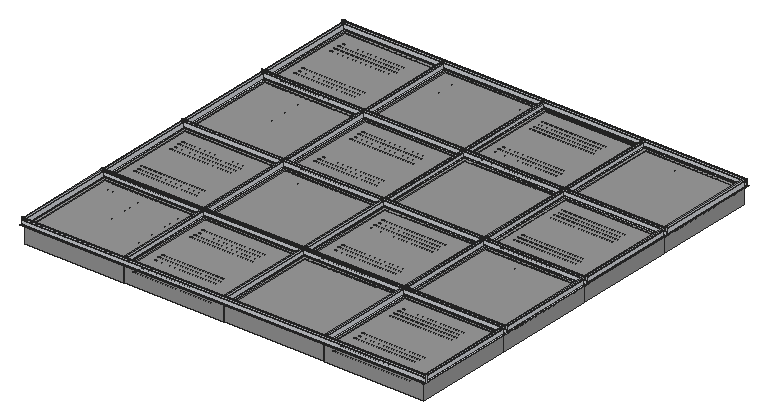
Revit family "GRD-FPG-016_FOLDED PLUG GRID 016_RFA", category Modelos genéricos, Revit 2022 (continued)
Forms (in)
  Extrusion 25, solid
    sketch origin (0.02767, 83.15856, 0) x (1, 0, 0) y (0, 0, 1)
      loop
        arc (0.31489, 1.72991) -> (0.32752, 1.69941) -> (0.35803, 1.68677) r 0.04314
        line (0.35803, 1.68677) -> (0.39803, 1.68677)
        arc (0.39803, 1.68677) -> (0.41512, 1.67969) -> (0.42221, 1.66259) r 0.02418
      loop
        arc (0.33294, 1.7291) -> (0.34005, 1.71194) -> (0.35722, 1.70483) r 0.02428
        line (0.35722, 1.70483) -> (0.39815, 1.70483)
        arc (0.39815, 1.70483) -> (0.42797, 1.69248) -> (0.44023, 1.66266) r 0.04217
        arc (0.44023, 1.66266) -> (0.45258, 1.69248) -> (0.4824, 1.70483) r 0.04217
        line (0.4824, 1.70483) -> (0.52333, 1.70483)
        arc (0.52333, 1.70483) -> (0.54049, 1.71194) -> (0.54761, 1.7291) r 0.02428
        line (0.54761, 1.7291) -> (0.54761, 2.15016) -> (0.45704, 2.24072)
        arc (0.45704, 2.24072) -> (0.44027, 2.24767) -> (0.42351, 2.24072) r 0.02371
        line (0.42351, 2.24072) -> (0.33294, 2.15016) -> (0.33294, 1.7291)
    from 58.93614 to 81.99864
  Extrusion 26, solid, not visible
    sketch origin (0, 0, 0) x (0, 1, 0) y (0, 0, 1)
      loop
        line (0.42221, 1.66259) -> (0.42231, 0.67354)
        arc (0.42231, 0.67354) -> (0.41009, 0.64403) -> (0.38057, 0.6318) r 0.04174
        line (0.38057, 0.6318) -> (-0.00639, 0.6318) -> (-0.00639, 0.59057) -> (0.8874, 0.59057) -> (0.8874, 0.6318) -> (0.49998, 0.6318)
        arc (0.49998, 0.6318) -> (0.47046, 0.64403) -> (0.45824, 0.67354) r 0.04174
        line (0.45824, 0.67354) -> (0.45834, 1.66259)
        arc (0.45834, 1.66259) -> (0.46543, 1.67969) -> (0.48252, 1.68677) r 0.02418
        line (0.48252, 1.68677) -> (0.52252, 1.68677)
        arc (0.52252, 1.68677) -> (0.55303, 1.69941) -> (0.56566, 1.72991) r 0.04314
        line (0.56566, 1.72991) -> (0.56566, 2.14095)
        arc (0.56566, 2.14095) -> (0.5626, 2.15637) -> (0.55386, 2.16944) r 0.04029
        line (0.55386, 2.16944) -> (0.47053, 2.25277)
        arc (0.47053, 2.25277) -> (0.44027, 2.2653) -> (0.41002, 2.25277) r 0.04279
        line (0.41002, 2.25277) -> (0.32669, 2.16944)
        arc (0.32669, 2.16944) -> (0.31795, 2.15637) -> (0.31489, 2.14095) r 0.04029
        line (0.31489, 2.14095) -> (0.31489, 1.72991)
        arc (0.31489, 1.72991) -> (0.32752, 1.69941) -> (0.35803, 1.68677) r 0.04314
        line (0.35803, 1.68677) -> (0.39803, 1.68677)
        arc (0.39803, 1.68677) -> (0.41512, 1.67969) -> (0.42221, 1.66259) r 0.02418
      loop
        arc (0.33294, 1.7291) -> (0.34005, 1.71194) -> (0.35722, 1.70483) r 0.02428
        line (0.35722, 1.70483) -> (0.39815, 1.70483)
        arc (0.39815, 1.70483) -> (0.42797, 1.69248) -> (0.44023, 1.66266) r 0.04217
        arc (0.44023, 1.66266) -> (0.45258, 1.69248) -> (0.4824, 1.70483) r 0.04217
        line (0.4824, 1.70483) -> (0.52333, 1.70483)
        arc (0.52333, 1.70483) -> (0.54049, 1.71194) -> (0.54761, 1.7291) r 0.02428
        line (0.54761, 1.7291) -> (0.54761, 2.15016) -> (0.45704, 2.24072)
        arc (0.45704, 2.24072) -> (0.44027, 2.24767) -> (0.42351, 2.24072) r 0.02371
        line (0.42351, 2.24072) -> (0.33294, 2.15016) -> (0.33294, 1.7291)
    from 0 to 96.9361
  Extrusion 27, solid, not visible
    sketch origin (0, 24, 0) x (0, 1, 0) y (0, 0, 1)
      loop
        line (0.42221, 1.66259) -> (0.42231, 0.67354)
        arc (0.42231, 0.67354) -> (0.41009, 0.64403) -> (0.38057, 0.6318) r 0.04174
        line (0.38057, 0.6318) -> (-0.00639, 0.6318) -> (-0.00639, 0.59057) -> (0.8874, 0.59057) -> (0.8874, 0.6318) -> (0.49998, 0.6318)
        arc (0.49998, 0.6318) -> (0.47046, 0.64403) -> (0.45824, 0.67354) r 0.04174
        line (0.45824, 0.67354) -> (0.45834, 1.66259)
        arc (0.45834, 1.66259) -> (0.46543, 1.67969) -> (0.48252, 1.68677) r 0.02418
        line (0.48252, 1.68677) -> (0.52252, 1.68677)
        arc (0.52252, 1.68677) -> (0.55303, 1.69941) -> (0.56566, 1.72991) r 0.04314
        line (0.56566, 1.72991) -> (0.56566, 2.14095)
        arc (0.56566, 2.14095) -> (0.5626, 2.15637) -> (0.55386, 2.16944) r 0.04029
        line (0.55386, 2.16944) -> (0.47053, 2.25277)
        arc (0.47053, 2.25277) -> (0.44027, 2.2653) -> (0.41002, 2.25277) r 0.04279
        line (0.41002, 2.25277) -> (0.32669, 2.16944)
        arc (0.32669, 2.16944) -> (0.31795, 2.15637) -> (0.31489, 2.14095) r 0.04029
        line (0.31489, 2.14095) -> (0.31489, 1.72991)
        arc (0.31489, 1.72991) -> (0.32752, 1.69941) -> (0.35803, 1.68677) r 0.04314
        line (0.35803, 1.68677) -> (0.39803, 1.68677)
        arc (0.39803, 1.68677) -> (0.41512, 1.67969) -> (0.42221, 1.66259) r 0.02418
      loop
        arc (0.33294, 1.7291) -> (0.34005, 1.71194) -> (0.35722, 1.70483) r 0.02428
        line (0.35722, 1.70483) -> (0.39815, 1.70483)
        arc (0.39815, 1.70483) -> (0.42797, 1.69248) -> (0.44023, 1.66266) r 0.04217
        arc (0.44023, 1.66266) -> (0.45258, 1.69248) -> (0.4824, 1.70483) r 0.04217
        line (0.4824, 1.70483) -> (0.52333, 1.70483)
        arc (0.52333, 1.70483) -> (0.54049, 1.71194) -> (0.54761, 1.7291) r 0.02428
        line (0.54761, 1.7291) -> (0.54761, 2.15016) -> (0.45704, 2.24072)
        arc (0.45704, 2.24072) -> (0.44027, 2.24767) -> (0.42351, 2.24072) r 0.02371
        line (0.42351, 2.24072) -> (0.33294, 2.15016) -> (0.33294, 1.7291)
    from 0 to 96.9361
  Extrusion 28, solid, not visible
    sketch origin (0, 48, 0) x (0, 1, 0) y (0, 0, 1)
      loop
        line (0.42221, 1.66259) -> (0.42231, 0.67354)
        arc (0.42231, 0.67354) -> (0.41009, 0.64403) -> (0.38057, 0.6318) r 0.04174
        line (0.38057, 0.6318) -> (-0.00639, 0.6318) -> (-0.00639, 0.59057) -> (0.8874, 0.59057) -> (0.8874, 0.6318) -> (0.49998, 0.6318)
        arc (0.49998, 0.6318) -> (0.47046, 0.64403) -> (0.45824, 0.67354) r 0.04174
        line (0.45824, 0.67354) -> (0.45834, 1.66259)
        arc (0.45834, 1.66259) -> (0.46543, 1.67969) -> (0.48252, 1.68677) r 0.02418
        line (0.48252, 1.68677) -> (0.52252, 1.68677)
        arc (0.52252, 1.68677) -> (0.55303, 1.69941) -> (0.56566, 1.72991) r 0.04314
        line (0.56566, 1.72991) -> (0.56566, 2.14095)
        arc (0.56566, 2.14095) -> (0.5626, 2.15637) -> (0.55386, 2.16944) r 0.04029
        line (0.55386, 2.16944) -> (0.47053, 2.25277)
        arc (0.47053, 2.25277) -> (0.44027, 2.2653) -> (0.41002, 2.25277) r 0.04279
        line (0.41002, 2.25277) -> (0.32669, 2.16944)
        arc (0.32669, 2.16944) -> (0.31795, 2.15637) -> (0.31489, 2.14095) r 0.04029
        line (0.31489, 2.14095) -> (0.31489, 1.72991)
        arc (0.31489, 1.72991) -> (0.32752, 1.69941) -> (0.35803, 1.68677) r 0.04314
        line (0.35803, 1.68677) -> (0.39803, 1.68677)
        arc (0.39803, 1.68677) -> (0.41512, 1.67969) -> (0.42221, 1.66259) r 0.02418
      loop
        arc (0.33294, 1.7291) -> (0.34005, 1.71194) -> (0.35722, 1.70483) r 0.02428
        line (0.35722, 1.70483) -> (0.39815, 1.70483)
        arc (0.39815, 1.70483) -> (0.42797, 1.69248) -> (0.44023, 1.66266) r 0.04217
        arc (0.44023, 1.66266) -> (0.45258, 1.69248) -> (0.4824, 1.70483) r 0.04217
        line (0.4824, 1.70483) -> (0.52333, 1.70483)
        arc (0.52333, 1.70483) -> (0.54049, 1.71194) -> (0.54761, 1.7291) r 0.02428
        line (0.54761, 1.7291) -> (0.54761, 2.15016) -> (0.45704, 2.24072)
        arc (0.45704, 2.24072) -> (0.44027, 2.24767) -> (0.42351, 2.24072) r 0.02371
        line (0.42351, 2.24072) -> (0.33294, 2.15016) -> (0.33294, 1.7291)
    from 0 to 96.9361
  Extrusion 29, solid, not visible
    sketch origin (0, 72, 0) x (0, 1, 0) y (0, 0, 1)
      loop
        line (0.42221, 1.66259) -> (0.42231, 0.67354)
        arc (0.42231, 0.67354) -> (0.41009, 0.64403) -> (0.38057, 0.6318) r 0.04174
        line (0.38057, 0.6318) -> (-0.00639, 0.6318) -> (-0.00639, 0.59057) -> (0.8874, 0.59057) -> (0.8874, 0.6318) -> (0.49998, 0.6318)
        arc (0.49998, 0.6318) -> (0.47046, 0.64403) -> (0.45824, 0.67354) r 0.04174
        line (0.45824, 0.67354) -> (0.45834, 1.66259)
        arc (0.45834, 1.66259) -> (0.46543, 1.67969) -> (0.48252, 1.68677) r 0.02418
        line (0.48252, 1.68677) -> (0.52252, 1.68677)
        arc (0.52252, 1.68677) -> (0.55303, 1.69941) -> (0.56566, 1.72991) r 0.04314
        line (0.56566, 1.72991) -> (0.56566, 2.14095)
        arc (0.56566, 2.14095) -> (0.5626, 2.15637) -> (0.55386, 2.16944) r 0.04029
        line (0.55386, 2.16944) -> (0.47053, 2.25277)
        arc (0.47053, 2.25277) -> (0.44027, 2.2653) -> (0.41002, 2.25277) r 0.04279
        line (0.41002, 2.25277) -> (0.32669, 2.16944)
        arc (0.32669, 2.16944) -> (0.31795, 2.15637) -> (0.31489, 2.14095) r 0.04029
        line (0.31489, 2.14095) -> (0.31489, 1.72991)
        arc (0.31489, 1.72991) -> (0.32752, 1.69941) -> (0.35803, 1.68677) r 0.04314
        line (0.35803, 1.68677) -> (0.39803, 1.68677)
        arc (0.39803, 1.68677) -> (0.41512, 1.67969) -> (0.42221, 1.66259) r 0.02418
      loop
        arc (0.33294, 1.7291) -> (0.34005, 1.71194) -> (0.35722, 1.70483) r 0.02428
        line (0.35722, 1.70483) -> (0.39815, 1.70483)
        arc (0.39815, 1.70483) -> (0.42797, 1.69248) -> (0.44023, 1.66266) r 0.04217
        arc (0.44023, 1.66266) -> (0.45258, 1.69248) -> (0.4824, 1.70483) r 0.04217
        line (0.4824, 1.70483) -> (0.52333, 1.70483)
        arc (0.52333, 1.70483) -> (0.54049, 1.71194) -> (0.54761, 1.7291) r 0.02428
        line (0.54761, 1.7291) -> (0.54761, 2.15016) -> (0.45704, 2.24072)
        arc (0.45704, 2.24072) -> (0.44027, 2.24767) -> (0.42351, 2.24072) r 0.02371
        line (0.42351, 2.24072) -> (0.33294, 2.15016) -> (0.33294, 1.7291)
    from 0 to 96.9361
  Extrusion 30, solid, not visible
    sketch origin (0, 96, 0) x (0, 1, 0) y (0, 0, 1)
      loop
        line (0.42221, 1.66259) -> (0.42231, 0.67354)
        arc (0.42231, 0.67354) -> (0.41009, 0.64403) -> (0.38057, 0.6318) r 0.04174
        line (0.38057, 0.6318) -> (-0.00639, 0.6318) -> (-0.00639, 0.59057) -> (0.8874, 0.59057) -> (0.8874, 0.6318) -> (0.49998, 0.6318)
        arc (0.49998, 0.6318) -> (0.47046, 0.64403) -> (0.45824, 0.67354) r 0.04174
        line (0.45824, 0.67354) -> (0.45834, 1.66259)
        arc (0.45834, 1.66259) -> (0.46543, 1.67969) -> (0.48252, 1.68677) r 0.02418
        line (0.48252, 1.68677) -> (0.52252, 1.68677)
        arc (0.52252, 1.68677) -> (0.55303, 1.69941) -> (0.56566, 1.72991) r 0.04314
        line (0.56566, 1.72991) -> (0.56566, 2.14095)
        arc (0.56566, 2.14095) -> (0.5626, 2.15637) -> (0.55386, 2.16944) r 0.04029
        line (0.55386, 2.16944) -> (0.47053, 2.25277)
        arc (0.47053, 2.25277) -> (0.44027, 2.2653) -> (0.41002, 2.25277) r 0.04279
        line (0.41002, 2.25277) -> (0.32669, 2.16944)
        arc (0.32669, 2.16944) -> (0.31795, 2.15637) -> (0.31489, 2.14095) r 0.04029
        line (0.31489, 2.14095) -> (0.31489, 1.72991)
        arc (0.31489, 1.72991) -> (0.32752, 1.69941) -> (0.35803, 1.68677) r 0.04314
        line (0.35803, 1.68677) -> (0.39803, 1.68677)
        arc (0.39803, 1.68677) -> (0.41512, 1.67969) -> (0.42221, 1.66259) r 0.02418
      loop
        arc (0.33294, 1.7291) -> (0.34005, 1.71194) -> (0.35722, 1.70483) r 0.02428
        line (0.35722, 1.70483) -> (0.39815, 1.70483)
        arc (0.39815, 1.70483) -> (0.42797, 1.69248) -> (0.44023, 1.66266) r 0.04217
        arc (0.44023, 1.66266) -> (0.45258, 1.69248) -> (0.4824, 1.70483) r 0.04217
        line (0.4824, 1.70483) -> (0.52333, 1.70483)
        arc (0.52333, 1.70483) -> (0.54049, 1.71194) -> (0.54761, 1.7291) r 0.02428
        line (0.54761, 1.7291) -> (0.54761, 2.15016) -> (0.45704, 2.24072)
        arc (0.45704, 2.24072) -> (0.44027, 2.24767) -> (0.42351, 2.24072) r 0.02371
        line (0.42351, 2.24072) -> (0.33294, 2.15016) -> (0.33294, 1.7291)
    from 0 to 96.9361
  Extrusion 31, solid, not visible
    sketch origin (48.02754, 154.90856, 0) x (1, 0, 0) y (0, 0, 1)
      loop
        line (0.42221, 1.66259) -> (0.42231, 0.67354)
        arc (0.42231, 0.67354) -> (0.41009, 0.64403) -> (0.38057, 0.6318) r 0.04174
        line (0.38057, 0.6318) -> (-0.00639, 0.6318) -> (-0.00639, 0.59057) -> (0.8874, 0.59057) -> (0.8874, 0.6318) -> (0.49998, 0.6318)
        arc (0.49998, 0.6318) -> (0.47046, 0.64403) -> (0.45824, 0.67354) r 0.04174
        line (0.45824, 0.67354) -> (0.45834, 1.66259)
        arc (0.45834, 1.66259) -> (0.46543, 1.67969) -> (0.48252, 1.68677) r 0.02418
        line (0.48252, 1.68677) -> (0.52252, 1.68677)
        arc (0.52252, 1.68677) -> (0.55303, 1.69941) -> (0.56566, 1.72991) r 0.04314
        line (0.56566, 1.72991) -> (0.56566, 2.14095)
        arc (0.56566, 2.14095) -> (0.5626, 2.15637) -> (0.55386, 2.16944) r 0.04029
        line (0.55386, 2.16944) -> (0.47053, 2.25277)
        arc (0.47053, 2.25277) -> (0.44027, 2.2653) -> (0.41002, 2.25277) r 0.04279
        line (0.41002, 2.25277) -> (0.32669, 2.16944)
        arc (0.32669, 2.16944) -> (0.31795, 2.15637) -> (0.31489, 2.14095) r 0.04029
        line (0.31489, 2.14095) -> (0.31489, 1.72991)
        arc (0.31489, 1.72991) -> (0.32752, 1.69941) -> (0.35803, 1.68677) r 0.04314
        line (0.35803, 1.68677) -> (0.39803, 1.68677)
        arc (0.39803, 1.68677) -> (0.41512, 1.67969) -> (0.42221, 1.66259) r 0.02418
      loop
        arc (0.33294, 1.7291) -> (0.34005, 1.71194) -> (0.35722, 1.70483) r 0.02428
        line (0.35722, 1.70483) -> (0.39815, 1.70483)
        arc (0.39815, 1.70483) -> (0.42797, 1.69248) -> (0.44023, 1.66266) r 0.04217
        arc (0.44023, 1.66266) -> (0.45258, 1.69248) -> (0.4824, 1.70483) r 0.04217
        line (0.4824, 1.70483) -> (0.52333, 1.70483)
        arc (0.52333, 1.70483) -> (0.54049, 1.71194) -> (0.54761, 1.7291) r 0.02428
        line (0.54761, 1.7291) -> (0.54761, 2.15016) -> (0.45704, 2.24072)
        arc (0.45704, 2.24072) -> (0.44027, 2.24767) -> (0.42351, 2.24072) r 0.02371
        line (0.42351, 2.24072) -> (0.33294, 2.15016) -> (0.33294, 1.7291)
    from 58.93614 to 81.99864
  Extrusion 32, solid, not visible
    sketch origin (72.02767, 154.90856, 0) x (1, 0, 0) y (0, 0, 1)
      loop
        line (0.42221, 1.66259) -> (0.42231, 0.67354)
        arc (0.42231, 0.67354) -> (0.41009, 0.64403) -> (0.38057, 0.6318) r 0.04174
        line (0.38057, 0.6318) -> (-0.00639, 0.6318) -> (-0.00639, 0.59057) -> (0.8874, 0.59057) -> (0.8874, 0.6318) -> (0.49998, 0.6318)
        arc (0.49998, 0.6318) -> (0.47046, 0.64403) -> (0.45824, 0.67354) r 0.04174
        line (0.45824, 0.67354) -> (0.45834, 1.66259)
        arc (0.45834, 1.66259) -> (0.46543, 1.67969) -> (0.48252, 1.68677) r 0.02418
        line (0.48252, 1.68677) -> (0.52252, 1.68677)
        arc (0.52252, 1.68677) -> (0.55303, 1.69941) -> (0.56566, 1.72991) r 0.04314
        line (0.56566, 1.72991) -> (0.56566, 2.14095)
        arc (0.56566, 2.14095) -> (0.5626, 2.15637) -> (0.55386, 2.16944) r 0.04029
        line (0.55386, 2.16944) -> (0.47053, 2.25277)
        arc (0.47053, 2.25277) -> (0.44027, 2.2653) -> (0.41002, 2.25277) r 0.04279
        line (0.41002, 2.25277) -> (0.32669, 2.16944)
        arc (0.32669, 2.16944) -> (0.31795, 2.15637) -> (0.31489, 2.14095) r 0.04029
        line (0.31489, 2.14095) -> (0.31489, 1.72991)
        arc (0.31489, 1.72991) -> (0.32752, 1.69941) -> (0.35803, 1.68677) r 0.04314
        line (0.35803, 1.68677) -> (0.39803, 1.68677)
        arc (0.39803, 1.68677) -> (0.41512, 1.67969) -> (0.42221, 1.66259) r 0.02418
      loop
        arc (0.33294, 1.7291) -> (0.34005, 1.71194) -> (0.35722, 1.70483) r 0.02428
        line (0.35722, 1.70483) -> (0.39815, 1.70483)
        arc (0.39815, 1.70483) -> (0.42797, 1.69248) -> (0.44023, 1.66266) r 0.04217
        arc (0.44023, 1.66266) -> (0.45258, 1.69248) -> (0.4824, 1.70483) r 0.04217
        line (0.4824, 1.70483) -> (0.52333, 1.70483)
        arc (0.52333, 1.70483) -> (0.54049, 1.71194) -> (0.54761, 1.7291) r 0.02428
        line (0.54761, 1.7291) -> (0.54761, 2.15016) -> (0.45704, 2.24072)
        arc (0.45704, 2.24072) -> (0.44027, 2.24767) -> (0.42351, 2.24072) r 0.02371
        line (0.42351, 2.24072) -> (0.33294, 2.15016) -> (0.33294, 1.7291)
    from 58.93614 to 81.99864
  Extrusion 33, solid, not visible
    sketch origin (96.02767, 154.90856, 0) x (1, 0, 0) y (0, 0, 1)
      loop
        line (0.42221, 1.66259) -> (0.42231, 0.67354)
        arc (0.42231, 0.67354) -> (0.41009, 0.64403) -> (0.38057, 0.6318) r 0.04174
        line (0.38057, 0.6318) -> (-0.00639, 0.6318) -> (-0.00639, 0.59057) -> (0.8874, 0.59057) -> (0.8874, 0.6318) -> (0.49998, 0.6318)
        arc (0.49998, 0.6318) -> (0.47046, 0.64403) -> (0.45824, 0.67354) r 0.04174
        line (0.45824, 0.67354) -> (0.45834, 1.66259)
        arc (0.45834, 1.66259) -> (0.46543, 1.67969) -> (0.48252, 1.68677) r 0.02418
        line (0.48252, 1.68677) -> (0.52252, 1.68677)
        arc (0.52252, 1.68677) -> (0.55303, 1.69941) -> (0.56566, 1.72991) r 0.04314
        line (0.56566, 1.72991) -> (0.56566, 2.14095)
        arc (0.56566, 2.14095) -> (0.5626, 2.15637) -> (0.55386, 2.16944) r 0.04029
        line (0.55386, 2.16944) -> (0.47053, 2.25277)
        arc (0.47053, 2.25277) -> (0.44027, 2.2653) -> (0.41002, 2.25277) r 0.04279
        line (0.41002, 2.25277) -> (0.32669, 2.16944)
        arc (0.32669, 2.16944) -> (0.31795, 2.15637) -> (0.31489, 2.14095) r 0.04029
        line (0.31489, 2.14095) -> (0.31489, 1.72991)
        arc (0.31489, 1.72991) -> (0.32752, 1.69941) -> (0.35803, 1.68677) r 0.04314
        line (0.35803, 1.68677) -> (0.39803, 1.68677)
        arc (0.39803, 1.68677) -> (0.41512, 1.67969) -> (0.42221, 1.66259) r 0.02418
      loop
        arc (0.33294, 1.7291) -> (0.34005, 1.71194) -> (0.35722, 1.70483) r 0.02428
        line (0.35722, 1.70483) -> (0.39815, 1.70483)
        arc (0.39815, 1.70483) -> (0.42797, 1.69248) -> (0.44023, 1.66266) r 0.04217
        arc (0.44023, 1.66266) -> (0.45258, 1.69248) -> (0.4824, 1.70483) r 0.04217
        line (0.4824, 1.70483) -> (0.52333, 1.70483)
        arc (0.52333, 1.70483) -> (0.54049, 1.71194) -> (0.54761, 1.7291) r 0.02428
        line (0.54761, 1.7291) -> (0.54761, 2.15016) -> (0.45704, 2.24072)
        arc (0.45704, 2.24072) -> (0.44027, 2.24767) -> (0.42351, 2.24072) r 0.02371
        line (0.42351, 2.24072) -> (0.33294, 2.15016) -> (0.33294, 1.7291)
    from 58.93614 to 81.99864
  Extrusion 34, solid, not visible
    sketch origin (24.02767, 154.90856, 0) x (1, 0, 0) y (0, 0, 1)
      loop
        line (0.42221, 1.66259) -> (0.42231, 0.67354)
        arc (0.42231, 0.67354) -> (0.41009, 0.64403) -> (0.38057, 0.6318) r 0.04174
        line (0.38057, 0.6318) -> (-0.00639, 0.6318) -> (-0.00639, 0.59057) -> (0.8874, 0.59057) -> (0.8874, 0.6318) -> (0.49998, 0.6318)
        arc (0.49998, 0.6318) -> (0.47046, 0.64403) -> (0.45824, 0.67354) r 0.04174
        line (0.45824, 0.67354) -> (0.45834, 1.66259)
        arc (0.45834, 1.66259) -> (0.46543, 1.67969) -> (0.48252, 1.68677) r 0.02418
        line (0.48252, 1.68677) -> (0.52252, 1.68677)
        arc (0.52252, 1.68677) -> (0.55303, 1.69941) -> (0.56566, 1.72991) r 0.04314
        line (0.56566, 1.72991) -> (0.56566, 2.14095)
        arc (0.56566, 2.14095) -> (0.5626, 2.15637) -> (0.55386, 2.16944) r 0.04029
        line (0.55386, 2.16944) -> (0.47053, 2.25277)
        arc (0.47053, 2.25277) -> (0.44027, 2.2653) -> (0.41002, 2.25277) r 0.04279
        line (0.41002, 2.25277) -> (0.32669, 2.16944)
        arc (0.32669, 2.16944) -> (0.31795, 2.15637) -> (0.31489, 2.14095) r 0.04029
        line (0.31489, 2.14095) -> (0.31489, 1.72991)
        arc (0.31489, 1.72991) -> (0.32752, 1.69941) -> (0.35803, 1.68677) r 0.04314
        line (0.35803, 1.68677) -> (0.39803, 1.68677)
        arc (0.39803, 1.68677) -> (0.41512, 1.67969) -> (0.42221, 1.66259) r 0.02418
      loop
        arc (0.33294, 1.7291) -> (0.34005, 1.71194) -> (0.35722, 1.70483) r 0.02428
        line (0.35722, 1.70483) -> (0.39815, 1.70483)
        arc (0.39815, 1.70483) -> (0.42797, 1.69248) -> (0.44023, 1.66266) r 0.04217
        arc (0.44023, 1.66266) -> (0.45258, 1.69248) -> (0.4824, 1.70483) r 0.04217
        line (0.4824, 1.70483) -> (0.52333, 1.70483)
        arc (0.52333, 1.70483) -> (0.54049, 1.71194) -> (0.54761, 1.7291) r 0.02428
        line (0.54761, 1.7291) -> (0.54761, 2.15016) -> (0.45704, 2.24072)
        arc (0.45704, 2.24072) -> (0.44027, 2.24767) -> (0.42351, 2.24072) r 0.02371
        line (0.42351, 2.24072) -> (0.33294, 2.15016) -> (0.33294, 1.7291)
    from 58.93614 to 81.99864
  Extrusion 35, solid, not visible
    sketch origin (0.02767, 154.90856, 0) x (1, 0, 0) y (0, 0, 1)
      loop
        line (0.42221, 1.66259) -> (0.42231, 0.67354)
        arc (0.42231, 0.67354) -> (0.41009, 0.64403) -> (0.38057, 0.6318) r 0.04174
        line (0.38057, 0.6318) -> (-0.00639, 0.6318) -> (-0.00639, 0.59057) -> (0.8874, 0.59057) -> (0.8874, 0.6318) -> (0.49998, 0.6318)
        arc (0.49998, 0.6318) -> (0.47046, 0.64403) -> (0.45824, 0.67354) r 0.04174
        line (0.45824, 0.67354) -> (0.45834, 1.66259)
        arc (0.45834, 1.66259) -> (0.46543, 1.67969) -> (0.48252, 1.68677) r 0.02418
        line (0.48252, 1.68677) -> (0.52252, 1.68677)
        arc (0.52252, 1.68677) -> (0.55303, 1.69941) -> (0.56566, 1.72991) r 0.04314
        line (0.56566, 1.72991) -> (0.56566, 2.14095)
        arc (0.56566, 2.14095) -> (0.5626, 2.15637) -> (0.55386, 2.16944) r 0.04029
        line (0.55386, 2.16944) -> (0.47053, 2.25277)
        arc (0.47053, 2.25277) -> (0.44027, 2.2653) -> (0.41002, 2.25277) r 0.04279
        line (0.41002, 2.25277) -> (0.32669, 2.16944)
        arc (0.32669, 2.16944) -> (0.31795, 2.15637) -> (0.31489, 2.14095) r 0.04029
        line (0.31489, 2.14095) -> (0.31489, 1.72991)
        arc (0.31489, 1.72991) -> (0.32752, 1.69941) -> (0.35803, 1.68677) r 0.04314
        line (0.35803, 1.68677) -> (0.39803, 1.68677)
        arc (0.39803, 1.68677) -> (0.41512, 1.67969) -> (0.42221, 1.66259) r 0.02418
      loop
        arc (0.33294, 1.7291) -> (0.34005, 1.71194) -> (0.35722, 1.70483) r 0.02428
        line (0.35722, 1.70483) -> (0.39815, 1.70483)
        arc (0.39815, 1.70483) -> (0.42797, 1.69248) -> (0.44023, 1.66266) r 0.04217
        arc (0.44023, 1.66266) -> (0.45258, 1.69248) -> (0.4824, 1.70483) r 0.04217
        line (0.4824, 1.70483) -> (0.52333, 1.70483)
        arc (0.52333, 1.70483) -> (0.54049, 1.71194) -> (0.54761, 1.7291) r 0.02428
        line (0.54761, 1.7291) -> (0.54761, 2.15016) -> (0.45704, 2.24072)
        arc (0.45704, 2.24072) -> (0.44027, 2.24767) -> (0.42351, 2.24072) r 0.02371
        line (0.42351, 2.24072) -> (0.33294, 2.15016) -> (0.33294, 1.7291)
    from 58.93614 to 81.99864
  Extrusion 36, solid, not visible
    sketch origin (48.02754, 130.90855, 0) x (1, 0, 0) y (0, 0, 1)
      loop
        line (0.42221, 1.66259) -> (0.42231, 0.67354)
        arc (0.42231, 0.67354) -> (0.41009, 0.64403) -> (0.38057, 0.6318) r 0.04174
        line (0.38057, 0.6318) -> (-0.00639, 0.6318) -> (-0.00639, 0.59057) -> (0.8874, 0.59057) -> (0.8874, 0.6318) -> (0.49998, 0.6318)
        arc (0.49998, 0.6318) -> (0.47046, 0.64403) -> (0.45824, 0.67354) r 0.04174
        line (0.45824, 0.67354) -> (0.45834, 1.66259)
        arc (0.45834, 1.66259) -> (0.46543, 1.67969) -> (0.48252, 1.68677) r 0.02418
        line (0.48252, 1.68677) -> (0.52252, 1.68677)
        arc (0.52252, 1.68677) -> (0.55303, 1.69941) -> (0.56566, 1.72991) r 0.04314
        line (0.56566, 1.72991) -> (0.56566, 2.14095)
        arc (0.56566, 2.14095) -> (0.5626, 2.15637) -> (0.55386, 2.16944) r 0.04029
        line (0.55386, 2.16944) -> (0.47053, 2.25277)
        arc (0.47053, 2.25277) -> (0.44027, 2.2653) -> (0.41002, 2.25277) r 0.04279
        line (0.41002, 2.25277) -> (0.32669, 2.16944)
        arc (0.32669, 2.16944) -> (0.31795, 2.15637) -> (0.31489, 2.14095) r 0.04029
        line (0.31489, 2.14095) -> (0.31489, 1.72991)
        arc (0.31489, 1.72991) -> (0.32752, 1.69941) -> (0.35803, 1.68677) r 0.04314
        line (0.35803, 1.68677) -> (0.39803, 1.68677)
        arc (0.39803, 1.68677) -> (0.41512, 1.67969) -> (0.42221, 1.66259) r 0.02418
      loop
        arc (0.33294, 1.7291) -> (0.34005, 1.71194) -> (0.35722, 1.70483) r 0.02428
        line (0.35722, 1.70483) -> (0.39815, 1.70483)
        arc (0.39815, 1.70483) -> (0.42797, 1.69248) -> (0.44023, 1.66266) r 0.04217
        arc (0.44023, 1.66266) -> (0.45258, 1.69248) -> (0.4824, 1.70483) r 0.04217
        line (0.4824, 1.70483) -> (0.52333, 1.70483)
        arc (0.52333, 1.70483) -> (0.54049, 1.71194) -> (0.54761, 1.7291) r 0.02428
        line (0.54761, 1.7291) -> (0.54761, 2.15016) -> (0.45704, 2.24072)
        arc (0.45704, 2.24072) -> (0.44027, 2.24767) -> (0.42351, 2.24072) r 0.02371
        line (0.42351, 2.24072) -> (0.33294, 2.15016) -> (0.33294, 1.7291)
    from 58.93614 to 81.99864
  Extrusion 37, solid, not visible
    sketch origin (72.02767, 130.90855, 0) x (1, 0, 0) y (0, 0, 1)
      loop
        line (0.42221, 1.66259) -> (0.42231, 0.67354)
        arc (0.42231, 0.67354) -> (0.41009, 0.64403) -> (0.38057, 0.6318) r 0.04174
        line (0.38057, 0.6318) -> (-0.00639, 0.6318) -> (-0.00639, 0.59057) -> (0.8874, 0.59057) -> (0.8874, 0.6318) -> (0.49998, 0.6318)
        arc (0.49998, 0.6318) -> (0.47046, 0.64403) -> (0.45824, 0.67354) r 0.04174
        line (0.45824, 0.67354) -> (0.45834, 1.66259)
        arc (0.45834, 1.66259) -> (0.46543, 1.67969) -> (0.48252, 1.68677) r 0.02418
        line (0.48252, 1.68677) -> (0.52252, 1.68677)
        arc (0.52252, 1.68677) -> (0.55303, 1.69941) -> (0.56566, 1.72991) r 0.04314
        line (0.56566, 1.72991) -> (0.56566, 2.14095)
        arc (0.56566, 2.14095) -> (0.5626, 2.15637) -> (0.55386, 2.16944) r 0.04029
        line (0.55386, 2.16944) -> (0.47053, 2.25277)
        arc (0.47053, 2.25277) -> (0.44027, 2.2653) -> (0.41002, 2.25277) r 0.04279
        line (0.41002, 2.25277) -> (0.32669, 2.16944)
        arc (0.32669, 2.16944) -> (0.31795, 2.15637) -> (0.31489, 2.14095) r 0.04029
        line (0.31489, 2.14095) -> (0.31489, 1.72991)
        arc (0.31489, 1.72991) -> (0.32752, 1.69941) -> (0.35803, 1.68677) r 0.04314
        line (0.35803, 1.68677) -> (0.39803, 1.68677)
        arc (0.39803, 1.68677) -> (0.41512, 1.67969) -> (0.42221, 1.66259) r 0.02418
      loop
        arc (0.33294, 1.7291) -> (0.34005, 1.71194) -> (0.35722, 1.70483) r 0.02428
        line (0.35722, 1.70483) -> (0.39815, 1.70483)
        arc (0.39815, 1.70483) -> (0.42797, 1.69248) -> (0.44023, 1.66266) r 0.04217
        arc (0.44023, 1.66266) -> (0.45258, 1.69248) -> (0.4824, 1.70483) r 0.04217
        line (0.4824, 1.70483) -> (0.52333, 1.70483)
        arc (0.52333, 1.70483) -> (0.54049, 1.71194) -> (0.54761, 1.7291) r 0.02428
        line (0.54761, 1.7291) -> (0.54761, 2.15016) -> (0.45704, 2.24072)
        arc (0.45704, 2.24072) -> (0.44027, 2.24767) -> (0.42351, 2.24072) r 0.02371
        line (0.42351, 2.24072) -> (0.33294, 2.15016) -> (0.33294, 1.7291)
    from 58.93614 to 81.99864
  Extrusion 38, solid, not visible
    sketch origin (96.02767, 130.90855, 0) x (1, 0, 0) y (0, 0, 1)
      loop
        line (0.42221, 1.66259) -> (0.42231, 0.67354)
        arc (0.42231, 0.67354) -> (0.41009, 0.64403) -> (0.38057, 0.6318) r 0.04174
        line (0.38057, 0.6318) -> (-0.00639, 0.6318) -> (-0.00639, 0.59057) -> (0.8874, 0.59057) -> (0.8874, 0.6318) -> (0.49998, 0.6318)
        arc (0.49998, 0.6318) -> (0.47046, 0.64403) -> (0.45824, 0.67354) r 0.04174
        line (0.45824, 0.67354) -> (0.45834, 1.66259)
        arc (0.45834, 1.66259) -> (0.46543, 1.67969) -> (0.48252, 1.68677) r 0.02418
        line (0.48252, 1.68677) -> (0.52252, 1.68677)
        arc (0.52252, 1.68677) -> (0.55303, 1.69941) -> (0.56566, 1.72991) r 0.04314
        line (0.56566, 1.72991) -> (0.56566, 2.14095)
        arc (0.56566, 2.14095) -> (0.5626, 2.15637) -> (0.55386, 2.16944) r 0.04029
        line (0.55386, 2.16944) -> (0.47053, 2.25277)
        arc (0.47053, 2.25277) -> (0.44027, 2.2653) -> (0.41002, 2.25277) r 0.04279
        line (0.41002, 2.25277) -> (0.32669, 2.16944)
        arc (0.32669, 2.16944) -> (0.31795, 2.15637) -> (0.31489, 2.14095) r 0.04029
        line (0.31489, 2.14095) -> (0.31489, 1.72991)
        arc (0.31489, 1.72991) -> (0.32752, 1.69941) -> (0.35803, 1.68677) r 0.04314
        line (0.35803, 1.68677) -> (0.39803, 1.68677)
        arc (0.39803, 1.68677) -> (0.41512, 1.67969) -> (0.42221, 1.66259) r 0.02418
      loop
        arc (0.33294, 1.7291) -> (0.34005, 1.71194) -> (0.35722, 1.70483) r 0.02428
        line (0.35722, 1.70483) -> (0.39815, 1.70483)
        arc (0.39815, 1.70483) -> (0.42797, 1.69248) -> (0.44023, 1.66266) r 0.04217
        arc (0.44023, 1.66266) -> (0.45258, 1.69248) -> (0.4824, 1.70483) r 0.04217
        line (0.4824, 1.70483) -> (0.52333, 1.70483)
        arc (0.52333, 1.70483) -> (0.54049, 1.71194) -> (0.54761, 1.7291) r 0.02428
        line (0.54761, 1.7291) -> (0.54761, 2.15016) -> (0.45704, 2.24072)
        arc (0.45704, 2.24072) -> (0.44027, 2.24767) -> (0.42351, 2.24072) r 0.02371
        line (0.42351, 2.24072) -> (0.33294, 2.15016) -> (0.33294, 1.7291)
    from 58.93614 to 81.99864
  Extrusion 39, solid, not visible
    sketch origin (24.02767, 130.90855, 0) x (1, 0, 0) y (0, 0, 1)
      loop
        line (0.42221, 1.66259) -> (0.42231, 0.67354)
        arc (0.42231, 0.67354) -> (0.41009, 0.64403) -> (0.38057, 0.6318) r 0.04174
        line (0.38057, 0.6318) -> (-0.00639, 0.6318) -> (-0.00639, 0.59057) -> (0.8874, 0.59057) -> (0.8874, 0.6318) -> (0.49998, 0.6318)
        arc (0.49998, 0.6318) -> (0.47046, 0.64403) -> (0.45824, 0.67354) r 0.04174
        line (0.45824, 0.67354) -> (0.45834, 1.66259)
        arc (0.45834, 1.66259) -> (0.46543, 1.67969) -> (0.48252, 1.68677) r 0.02418
        line (0.48252, 1.68677) -> (0.52252, 1.68677)
        arc (0.52252, 1.68677) -> (0.55303, 1.69941) -> (0.56566, 1.72991) r 0.04314
        line (0.56566, 1.72991) -> (0.56566, 2.14095)
        arc (0.56566, 2.14095) -> (0.5626, 2.15637) -> (0.55386, 2.16944) r 0.04029
        line (0.55386, 2.16944) -> (0.47053, 2.25277)
        arc (0.47053, 2.25277) -> (0.44027, 2.2653) -> (0.41002, 2.25277) r 0.04279
        line (0.41002, 2.25277) -> (0.32669, 2.16944)
        arc (0.32669, 2.16944) -> (0.31795, 2.15637) -> (0.31489, 2.14095) r 0.04029
        line (0.31489, 2.14095) -> (0.31489, 1.72991)
        arc (0.31489, 1.72991) -> (0.32752, 1.69941) -> (0.35803, 1.68677) r 0.04314
        line (0.35803, 1.68677) -> (0.39803, 1.68677)
        arc (0.39803, 1.68677) -> (0.41512, 1.67969) -> (0.42221, 1.66259) r 0.02418
      loop
        arc (0.33294, 1.7291) -> (0.34005, 1.71194) -> (0.35722, 1.70483) r 0.02428
        line (0.35722, 1.70483) -> (0.39815, 1.70483)
        arc (0.39815, 1.70483) -> (0.42797, 1.69248) -> (0.44023, 1.66266) r 0.04217
        arc (0.44023, 1.66266) -> (0.45258, 1.69248) -> (0.4824, 1.70483) r 0.04217
        line (0.4824, 1.70483) -> (0.52333, 1.70483)
        arc (0.52333, 1.70483) -> (0.54049, 1.71194) -> (0.54761, 1.7291) r 0.02428
        line (0.54761, 1.7291) -> (0.54761, 2.15016) -> (0.45704, 2.24072)
        arc (0.45704, 2.24072) -> (0.44027, 2.24767) -> (0.42351, 2.24072) r 0.02371
        line (0.42351, 2.24072) -> (0.33294, 2.15016) -> (0.33294, 1.7291)
    from 58.93614 to 81.99864
  Extrusion 40, solid, not visible
    sketch origin (0.02767, 130.90855, 0) x (1, 0, 0) y (0, 0, 1)
      loop
        line (0.42221, 1.66259) -> (0.42231, 0.67354)
        arc (0.42231, 0.67354) -> (0.41009, 0.64403) -> (0.38057, 0.6318) r 0.04174
        line (0.38057, 0.6318) -> (-0.00639, 0.6318) -> (-0.00639, 0.59057) -> (0.8874, 0.59057) -> (0.8874, 0.6318) -> (0.49998, 0.6318)
        arc (0.49998, 0.6318) -> (0.47046, 0.64403) -> (0.45824, 0.67354) r 0.04174
        line (0.45824, 0.67354) -> (0.45834, 1.66259)
        arc (0.45834, 1.66259) -> (0.46543, 1.67969) -> (0.48252, 1.68677) r 0.02418
        line (0.48252, 1.68677) -> (0.52252, 1.68677)
        arc (0.52252, 1.68677) -> (0.55303, 1.69941) -> (0.56566, 1.72991) r 0.04314
        line (0.56566, 1.72991) -> (0.56566, 2.14095)
        arc (0.56566, 2.14095) -> (0.5626, 2.15637) -> (0.55386, 2.16944) r 0.04029
        line (0.55386, 2.16944) -> (0.47053, 2.25277)
        arc (0.47053, 2.25277) -> (0.44027, 2.2653) -> (0.41002, 2.25277) r 0.04279
        line (0.41002, 2.25277) -> (0.32669, 2.16944)
        arc (0.32669, 2.16944) -> (0.31795, 2.15637) -> (0.31489, 2.14095) r 0.04029
        line (0.31489, 2.14095) -> (0.31489, 1.72991)
        arc (0.31489, 1.72991) -> (0.32752, 1.69941) -> (0.35803, 1.68677) r 0.04314
        line (0.35803, 1.68677) -> (0.39803, 1.68677)
        arc (0.39803, 1.68677) -> (0.41512, 1.67969) -> (0.42221, 1.66259) r 0.02418
      loop
        arc (0.33294, 1.7291) -> (0.34005, 1.71194) -> (0.35722, 1.70483) r 0.02428
        line (0.35722, 1.70483) -> (0.39815, 1.70483)
        arc (0.39815, 1.70483) -> (0.42797, 1.69248) -> (0.44023, 1.66266) r 0.04217
        arc (0.44023, 1.66266) -> (0.45258, 1.69248) -> (0.4824, 1.70483) r 0.04217
        line (0.4824, 1.70483) -> (0.52333, 1.70483)
        arc (0.52333, 1.70483) -> (0.54049, 1.71194) -> (0.54761, 1.7291) r 0.02428
        line (0.54761, 1.7291) -> (0.54761, 2.15016) -> (0.45704, 2.24072)
        arc (0.45704, 2.24072) -> (0.44027, 2.24767) -> (0.42351, 2.24072) r 0.02371
        line (0.42351, 2.24072) -> (0.33294, 2.15016) -> (0.33294, 1.7291)
    from 58.93614 to 81.99864
  Extrusion 41, solid, not visible
    sketch origin (48.02754, 106.90856, 0) x (1, 0, 0) y (0, 0, 1)
      loop
        line (0.42221, 1.66259) -> (0.42231, 0.67354)
        arc (0.42231, 0.67354) -> (0.41009, 0.64403) -> (0.38057, 0.6318) r 0.04174
        line (0.38057, 0.6318) -> (-0.00639, 0.6318) -> (-0.00639, 0.59057) -> (0.8874, 0.59057) -> (0.8874, 0.6318) -> (0.49998, 0.6318)
        arc (0.49998, 0.6318) -> (0.47046, 0.64403) -> (0.45824, 0.67354) r 0.04174
        line (0.45824, 0.67354) -> (0.45834, 1.66259)
        arc (0.45834, 1.66259) -> (0.46543, 1.67969) -> (0.48252, 1.68677) r 0.02418
        line (0.48252, 1.68677) -> (0.52252, 1.68677)
        arc (0.52252, 1.68677) -> (0.55303, 1.69941) -> (0.56566, 1.72991) r 0.04314
        line (0.56566, 1.72991) -> (0.56566, 2.14095)
        arc (0.56566, 2.14095) -> (0.5626, 2.15637) -> (0.55386, 2.16944) r 0.04029
        line (0.55386, 2.16944) -> (0.47053, 2.25277)
        arc (0.47053, 2.25277) -> (0.44027, 2.2653) -> (0.41002, 2.25277) r 0.04279
        line (0.41002, 2.25277) -> (0.32669, 2.16944)
        arc (0.32669, 2.16944) -> (0.31795, 2.15637) -> (0.31489, 2.14095) r 0.04029
        line (0.31489, 2.14095) -> (0.31489, 1.72991)
        arc (0.31489, 1.72991) -> (0.32752, 1.69941) -> (0.35803, 1.68677) r 0.04314
        line (0.35803, 1.68677) -> (0.39803, 1.68677)
        arc (0.39803, 1.68677) -> (0.41512, 1.67969) -> (0.42221, 1.66259) r 0.02418
      loop
        arc (0.33294, 1.7291) -> (0.34005, 1.71194) -> (0.35722, 1.70483) r 0.02428
        line (0.35722, 1.70483) -> (0.39815, 1.70483)
        arc (0.39815, 1.70483) -> (0.42797, 1.69248) -> (0.44023, 1.66266) r 0.04217
        arc (0.44023, 1.66266) -> (0.45258, 1.69248) -> (0.4824, 1.70483) r 0.04217
        line (0.4824, 1.70483) -> (0.52333, 1.70483)
        arc (0.52333, 1.70483) -> (0.54049, 1.71194) -> (0.54761, 1.7291) r 0.02428
        line (0.54761, 1.7291) -> (0.54761, 2.15016) -> (0.45704, 2.24072)
        arc (0.45704, 2.24072) -> (0.44027, 2.24767) -> (0.42351, 2.24072) r 0.02371
        line (0.42351, 2.24072) -> (0.33294, 2.15016) -> (0.33294, 1.7291)
    from 58.93614 to 81.99864
  Extrusion 42, solid, not visible
    sketch origin (72.02767, 106.90856, 0) x (1, 0, 0) y (0, 0, 1)
      loop
        line (0.42221, 1.66259) -> (0.42231, 0.67354)
        arc (0.42231, 0.67354) -> (0.41009, 0.64403) -> (0.38057, 0.6318) r 0.04174
        line (0.38057, 0.6318) -> (-0.00639, 0.6318) -> (-0.00639, 0.59057) -> (0.8874, 0.59057) -> (0.8874, 0.6318) -> (0.49998, 0.6318)
        arc (0.49998, 0.6318) -> (0.47046, 0.64403) -> (0.45824, 0.67354) r 0.04174
        line (0.45824, 0.67354) -> (0.45834, 1.66259)
        arc (0.45834, 1.66259) -> (0.46543, 1.67969) -> (0.48252, 1.68677) r 0.02418
        line (0.48252, 1.68677) -> (0.52252, 1.68677)
        arc (0.52252, 1.68677) -> (0.55303, 1.69941) -> (0.56566, 1.72991) r 0.04314
        line (0.56566, 1.72991) -> (0.56566, 2.14095)
        arc (0.56566, 2.14095) -> (0.5626, 2.15637) -> (0.55386, 2.16944) r 0.04029
        line (0.55386, 2.16944) -> (0.47053, 2.25277)
        arc (0.47053, 2.25277) -> (0.44027, 2.2653) -> (0.41002, 2.25277) r 0.04279
        line (0.41002, 2.25277) -> (0.32669, 2.16944)
        arc (0.32669, 2.16944) -> (0.31795, 2.15637) -> (0.31489, 2.14095) r 0.04029
        line (0.31489, 2.14095) -> (0.31489, 1.72991)
        arc (0.31489, 1.72991) -> (0.32752, 1.69941) -> (0.35803, 1.68677) r 0.04314
        line (0.35803, 1.68677) -> (0.39803, 1.68677)
        arc (0.39803, 1.68677) -> (0.41512, 1.67969) -> (0.42221, 1.66259) r 0.02418
      loop
        arc (0.33294, 1.7291) -> (0.34005, 1.71194) -> (0.35722, 1.70483) r 0.02428
        line (0.35722, 1.70483) -> (0.39815, 1.70483)
        arc (0.39815, 1.70483) -> (0.42797, 1.69248) -> (0.44023, 1.66266) r 0.04217
        arc (0.44023, 1.66266) -> (0.45258, 1.69248) -> (0.4824, 1.70483) r 0.04217
        line (0.4824, 1.70483) -> (0.52333, 1.70483)
        arc (0.52333, 1.70483) -> (0.54049, 1.71194) -> (0.54761, 1.7291) r 0.02428
        line (0.54761, 1.7291) -> (0.54761, 2.15016) -> (0.45704, 2.24072)
        arc (0.45704, 2.24072) -> (0.44027, 2.24767) -> (0.42351, 2.24072) r 0.02371
        line (0.42351, 2.24072) -> (0.33294, 2.15016) -> (0.33294, 1.7291)
    from 58.93614 to 81.99864
  Extrusion 43, solid, not visible
    sketch origin (96.02767, 106.90856, 0) x (1, 0, 0) y (0, 0, 1)
      loop
        line (0.42221, 1.66259) -> (0.42231, 0.67354)
        arc (0.42231, 0.67354) -> (0.41009, 0.64403) -> (0.38057, 0.6318) r 0.04174
        line (0.38057, 0.6318) -> (-0.00639, 0.6318) -> (-0.00639, 0.59057) -> (0.8874, 0.59057) -> (0.8874, 0.6318) -> (0.49998, 0.6318)
        arc (0.49998, 0.6318) -> (0.47046, 0.64403) -> (0.45824, 0.67354) r 0.04174
        line (0.45824, 0.67354) -> (0.45834, 1.66259)
        arc (0.45834, 1.66259) -> (0.46543, 1.67969) -> (0.48252, 1.68677) r 0.02418
        line (0.48252, 1.68677) -> (0.52252, 1.68677)
        arc (0.52252, 1.68677) -> (0.55303, 1.69941) -> (0.56566, 1.72991) r 0.04314
        line (0.56566, 1.72991) -> (0.56566, 2.14095)
        arc (0.56566, 2.14095) -> (0.5626, 2.15637) -> (0.55386, 2.16944) r 0.04029
        line (0.55386, 2.16944) -> (0.47053, 2.25277)
        arc (0.47053, 2.25277) -> (0.44027, 2.2653) -> (0.41002, 2.25277) r 0.04279
        line (0.41002, 2.25277) -> (0.32669, 2.16944)
        arc (0.32669, 2.16944) -> (0.31795, 2.15637) -> (0.31489, 2.14095) r 0.04029
        line (0.31489, 2.14095) -> (0.31489, 1.72991)
        arc (0.31489, 1.72991) -> (0.32752, 1.69941) -> (0.35803, 1.68677) r 0.04314
        line (0.35803, 1.68677) -> (0.39803, 1.68677)
        arc (0.39803, 1.68677) -> (0.41512, 1.67969) -> (0.42221, 1.66259) r 0.02418
      loop
        arc (0.33294, 1.7291) -> (0.34005, 1.71194) -> (0.35722, 1.70483) r 0.02428
        line (0.35722, 1.70483) -> (0.39815, 1.70483)
        arc (0.39815, 1.70483) -> (0.42797, 1.69248) -> (0.44023, 1.66266) r 0.04217
        arc (0.44023, 1.66266) -> (0.45258, 1.69248) -> (0.4824, 1.70483) r 0.04217
        line (0.4824, 1.70483) -> (0.52333, 1.70483)
        arc (0.52333, 1.70483) -> (0.54049, 1.71194) -> (0.54761, 1.7291) r 0.02428
        line (0.54761, 1.7291) -> (0.54761, 2.15016) -> (0.45704, 2.24072)
        arc (0.45704, 2.24072) -> (0.44027, 2.24767) -> (0.42351, 2.24072) r 0.02371
        line (0.42351, 2.24072) -> (0.33294, 2.15016) -> (0.33294, 1.7291)
    from 58.93614 to 81.99864
  Extrusion 44, solid, not visible
    sketch origin (24.02767, 106.90856, 0) x (1, 0, 0) y (0, 0, 1)
      loop
        line (0.42221, 1.66259) -> (0.42231, 0.67354)
        arc (0.42231, 0.67354) -> (0.41009, 0.64403) -> (0.38057, 0.6318) r 0.04174
        line (0.38057, 0.6318) -> (-0.00639, 0.6318) -> (-0.00639, 0.59057) -> (0.8874, 0.59057) -> (0.8874, 0.6318) -> (0.49998, 0.6318)
        arc (0.49998, 0.6318) -> (0.47046, 0.64403) -> (0.45824, 0.67354) r 0.04174
        line (0.45824, 0.67354) -> (0.45834, 1.66259)
        arc (0.45834, 1.66259) -> (0.46543, 1.67969) -> (0.48252, 1.68677) r 0.02418
        line (0.48252, 1.68677) -> (0.52252, 1.68677)
        arc (0.52252, 1.68677) -> (0.55303, 1.69941) -> (0.56566, 1.72991) r 0.04314
        line (0.56566, 1.72991) -> (0.56566, 2.14095)
        arc (0.56566, 2.14095) -> (0.5626, 2.15637) -> (0.55386, 2.16944) r 0.04029
        line (0.55386, 2.16944) -> (0.47053, 2.25277)
        arc (0.47053, 2.25277) -> (0.44027, 2.2653) -> (0.41002, 2.25277) r 0.04279
        line (0.41002, 2.25277) -> (0.32669, 2.16944)
        arc (0.32669, 2.16944) -> (0.31795, 2.15637) -> (0.31489, 2.14095) r 0.04029
        line (0.31489, 2.14095) -> (0.31489, 1.72991)
        arc (0.31489, 1.72991) -> (0.32752, 1.69941) -> (0.35803, 1.68677) r 0.04314
        line (0.35803, 1.68677) -> (0.39803, 1.68677)
        arc (0.39803, 1.68677) -> (0.41512, 1.67969) -> (0.42221, 1.66259) r 0.02418
      loop
        arc (0.33294, 1.7291) -> (0.34005, 1.71194) -> (0.35722, 1.70483) r 0.02428
        line (0.35722, 1.70483) -> (0.39815, 1.70483)
        arc (0.39815, 1.70483) -> (0.42797, 1.69248) -> (0.44023, 1.66266) r 0.04217
        arc (0.44023, 1.66266) -> (0.45258, 1.69248) -> (0.4824, 1.70483) r 0.04217
        line (0.4824, 1.70483) -> (0.52333, 1.70483)
        arc (0.52333, 1.70483) -> (0.54049, 1.71194) -> (0.54761, 1.7291) r 0.02428
        line (0.54761, 1.7291) -> (0.54761, 2.15016) -> (0.45704, 2.24072)
        arc (0.45704, 2.24072) -> (0.44027, 2.24767) -> (0.42351, 2.24072) r 0.02371
        line (0.42351, 2.24072) -> (0.33294, 2.15016) -> (0.33294, 1.7291)
    from 58.93614 to 81.99864
  Extrusion 45, solid, not visible
    sketch origin (0.02767, 106.90856, 0) x (1, 0, 0) y (0, 0, 1)
      loop
        line (0.42221, 1.66259) -> (0.42231, 0.67354)
        arc (0.42231, 0.67354) -> (0.41009, 0.64403) -> (0.38057, 0.6318) r 0.04174
        line (0.38057, 0.6318) -> (-0.00639, 0.6318) -> (-0.00639, 0.59057) -> (0.8874, 0.59057) -> (0.8874, 0.6318) -> (0.49998, 0.6318)
        arc (0.49998, 0.6318) -> (0.47046, 0.64403) -> (0.45824, 0.67354) r 0.04174
        line (0.45824, 0.67354) -> (0.45834, 1.66259)
        arc (0.45834, 1.66259) -> (0.46543, 1.67969) -> (0.48252, 1.68677) r 0.02418
        line (0.48252, 1.68677) -> (0.52252, 1.68677)
        arc (0.52252, 1.68677) -> (0.55303, 1.69941) -> (0.56566, 1.72991) r 0.04314
        line (0.56566, 1.72991) -> (0.56566, 2.14095)
        arc (0.56566, 2.14095) -> (0.5626, 2.15637) -> (0.55386, 2.16944) r 0.04029
        line (0.55386, 2.16944) -> (0.47053, 2.25277)
        arc (0.47053, 2.25277) -> (0.44027, 2.2653) -> (0.41002, 2.25277) r 0.04279
        line (0.41002, 2.25277) -> (0.32669, 2.16944)
        arc (0.32669, 2.16944) -> (0.31795, 2.15637) -> (0.31489, 2.14095) r 0.04029
        line (0.31489, 2.14095) -> (0.31489, 1.72991)
        arc (0.31489, 1.72991) -> (0.32752, 1.69941) -> (0.35803, 1.68677) r 0.04314
        line (0.35803, 1.68677) -> (0.39803, 1.68677)
        arc (0.39803, 1.68677) -> (0.41512, 1.67969) -> (0.42221, 1.66259) r 0.02418
      loop
        arc (0.33294, 1.7291) -> (0.34005, 1.71194) -> (0.35722, 1.70483) r 0.02428
        line (0.35722, 1.70483) -> (0.39815, 1.70483)
        arc (0.39815, 1.70483) -> (0.42797, 1.69248) -> (0.44023, 1.66266) r 0.04217
        arc (0.44023, 1.66266) -> (0.45258, 1.69248) -> (0.4824, 1.70483) r 0.04217
        line (0.4824, 1.70483) -> (0.52333, 1.70483)
        arc (0.52333, 1.70483) -> (0.54049, 1.71194) -> (0.54761, 1.7291) r 0.02428
        line (0.54761, 1.7291) -> (0.54761, 2.15016) -> (0.45704, 2.24072)
        arc (0.45704, 2.24072) -> (0.44027, 2.24767) -> (0.42351, 2.24072) r 0.02371
        line (0.42351, 2.24072) -> (0.33294, 2.15016) -> (0.33294, 1.7291)
    from 58.93614 to 81.99864
  Extrusion 46, solid, not visible
    sketch origin (48.02754, 82.90856, 0) x (1, 0, 0) y (0, 0, 1)
      loop
        line (0.42221, 1.66259) -> (0.42231, 0.67354)
        arc (0.42231, 0.67354) -> (0.41009, 0.64403) -> (0.38057, 0.6318) r 0.04174
        line (0.38057, 0.6318) -> (-0.00639, 0.6318) -> (-0.00639, 0.59057) -> (0.8874, 0.59057) -> (0.8874, 0.6318) -> (0.49998, 0.6318)
        arc (0.49998, 0.6318) -> (0.47046, 0.64403) -> (0.45824, 0.67354) r 0.04174
        line (0.45824, 0.67354) -> (0.45834, 1.66259)
        arc (0.45834, 1.66259) -> (0.46543, 1.67969) -> (0.48252, 1.68677) r 0.02418
        line (0.48252, 1.68677) -> (0.52252, 1.68677)
        arc (0.52252, 1.68677) -> (0.55303, 1.69941) -> (0.56566, 1.72991) r 0.04314
        line (0.56566, 1.72991) -> (0.56566, 2.14095)
        arc (0.56566, 2.14095) -> (0.5626, 2.15637) -> (0.55386, 2.16944) r 0.04029
        line (0.55386, 2.16944) -> (0.47053, 2.25277)
        arc (0.47053, 2.25277) -> (0.44027, 2.2653) -> (0.41002, 2.25277) r 0.04279
        line (0.41002, 2.25277) -> (0.32669, 2.16944)
        arc (0.32669, 2.16944) -> (0.31795, 2.15637) -> (0.31489, 2.14095) r 0.04029
        line (0.31489, 2.14095) -> (0.31489, 1.72991)
        arc (0.31489, 1.72991) -> (0.32752, 1.69941) -> (0.35803, 1.68677) r 0.04314
        line (0.35803, 1.68677) -> (0.39803, 1.68677)
        arc (0.39803, 1.68677) -> (0.41512, 1.67969) -> (0.42221, 1.66259) r 0.02418
      loop
        arc (0.33294, 1.7291) -> (0.34005, 1.71194) -> (0.35722, 1.70483) r 0.02428
        line (0.35722, 1.70483) -> (0.39815, 1.70483)
        arc (0.39815, 1.70483) -> (0.42797, 1.69248) -> (0.44023, 1.66266) r 0.04217
        arc (0.44023, 1.66266) -> (0.45258, 1.69248) -> (0.4824, 1.70483) r 0.04217
        line (0.4824, 1.70483) -> (0.52333, 1.70483)
        arc (0.52333, 1.70483) -> (0.54049, 1.71194) -> (0.54761, 1.7291) r 0.02428
        line (0.54761, 1.7291) -> (0.54761, 2.15016) -> (0.45704, 2.24072)
        arc (0.45704, 2.24072) -> (0.44027, 2.24767) -> (0.42351, 2.24072) r 0.02371
        line (0.42351, 2.24072) -> (0.33294, 2.15016) -> (0.33294, 1.7291)
    from 58.93614 to 81.99864
  Extrusion 47, solid, not visible
    sketch origin (72.02767, 82.90856, 0) x (1, 0, 0) y (0, 0, 1)
      loop
        line (0.42221, 1.66259) -> (0.42231, 0.67354)
        arc (0.42231, 0.67354) -> (0.41009, 0.64403) -> (0.38057, 0.6318) r 0.04174
        line (0.38057, 0.6318) -> (-0.00639, 0.6318) -> (-0.00639, 0.59057) -> (0.8874, 0.59057) -> (0.8874, 0.6318) -> (0.49998, 0.6318)
        arc (0.49998, 0.6318) -> (0.47046, 0.64403) -> (0.45824, 0.67354) r 0.04174
        line (0.45824, 0.67354) -> (0.45834, 1.66259)
        arc (0.45834, 1.66259) -> (0.46543, 1.67969) -> (0.48252, 1.68677) r 0.02418
        line (0.48252, 1.68677) -> (0.52252, 1.68677)
        arc (0.52252, 1.68677) -> (0.55303, 1.69941) -> (0.56566, 1.72991) r 0.04314
        line (0.56566, 1.72991) -> (0.56566, 2.14095)
        arc (0.56566, 2.14095) -> (0.5626, 2.15637) -> (0.55386, 2.16944) r 0.04029
        line (0.55386, 2.16944) -> (0.47053, 2.25277)
        arc (0.47053, 2.25277) -> (0.44027, 2.2653) -> (0.41002, 2.25277) r 0.04279
        line (0.41002, 2.25277) -> (0.32669, 2.16944)
        arc (0.32669, 2.16944) -> (0.31795, 2.15637) -> (0.31489, 2.14095) r 0.04029
        line (0.31489, 2.14095) -> (0.31489, 1.72991)
        arc (0.31489, 1.72991) -> (0.32752, 1.69941) -> (0.35803, 1.68677) r 0.04314
        line (0.35803, 1.68677) -> (0.39803, 1.68677)
        arc (0.39803, 1.68677) -> (0.41512, 1.67969) -> (0.42221, 1.66259) r 0.02418
      loop
        arc (0.33294, 1.7291) -> (0.34005, 1.71194) -> (0.35722, 1.70483) r 0.02428
        line (0.35722, 1.70483) -> (0.39815, 1.70483)
        arc (0.39815, 1.70483) -> (0.42797, 1.69248) -> (0.44023, 1.66266) r 0.04217
        arc (0.44023, 1.66266) -> (0.45258, 1.69248) -> (0.4824, 1.70483) r 0.04217
        line (0.4824, 1.70483) -> (0.52333, 1.70483)
        arc (0.52333, 1.70483) -> (0.54049, 1.71194) -> (0.54761, 1.7291) r 0.02428
        line (0.54761, 1.7291) -> (0.54761, 2.15016) -> (0.45704, 2.24072)
        arc (0.45704, 2.24072) -> (0.44027, 2.24767) -> (0.42351, 2.24072) r 0.02371
        line (0.42351, 2.24072) -> (0.33294, 2.15016) -> (0.33294, 1.7291)
    from 58.93614 to 81.99864
  Extrusion 48, solid, not visible
    sketch origin (96.02767, 82.90856, 0) x (1, 0, 0) y (0, 0, 1)
      loop
        line (0.42221, 1.66259) -> (0.42231, 0.67354)
        arc (0.42231, 0.67354) -> (0.41009, 0.64403) -> (0.38057, 0.6318) r 0.04174
        line (0.38057, 0.6318) -> (-0.00639, 0.6318) -> (-0.00639, 0.59057) -> (0.8874, 0.59057) -> (0.8874, 0.6318) -> (0.49998, 0.6318)
        arc (0.49998, 0.6318) -> (0.47046, 0.64403) -> (0.45824, 0.67354) r 0.04174
        line (0.45824, 0.67354) -> (0.45834, 1.66259)
        arc (0.45834, 1.66259) -> (0.46543, 1.67969) -> (0.48252, 1.68677) r 0.02418
        line (0.48252, 1.68677) -> (0.52252, 1.68677)
        arc (0.52252, 1.68677) -> (0.55303, 1.69941) -> (0.56566, 1.72991) r 0.04314
        line (0.56566, 1.72991) -> (0.56566, 2.14095)
        arc (0.56566, 2.14095) -> (0.5626, 2.15637) -> (0.55386, 2.16944) r 0.04029
        line (0.55386, 2.16944) -> (0.47053, 2.25277)
        arc (0.47053, 2.25277) -> (0.44027, 2.2653) -> (0.41002, 2.25277) r 0.04279
        line (0.41002, 2.25277) -> (0.32669, 2.16944)
        arc (0.32669, 2.16944) -> (0.31795, 2.15637) -> (0.31489, 2.14095) r 0.04029
        line (0.31489, 2.14095) -> (0.31489, 1.72991)
        arc (0.31489, 1.72991) -> (0.32752, 1.69941) -> (0.35803, 1.68677) r 0.04314
        line (0.35803, 1.68677) -> (0.39803, 1.68677)
        arc (0.39803, 1.68677) -> (0.41512, 1.67969) -> (0.42221, 1.66259) r 0.02418
      loop
        arc (0.33294, 1.7291) -> (0.34005, 1.71194) -> (0.35722, 1.70483) r 0.02428
        line (0.35722, 1.70483) -> (0.39815, 1.70483)
        arc (0.39815, 1.70483) -> (0.42797, 1.69248) -> (0.44023, 1.66266) r 0.04217
        arc (0.44023, 1.66266) -> (0.45258, 1.69248) -> (0.4824, 1.70483) r 0.04217
        line (0.4824, 1.70483) -> (0.52333, 1.70483)
        arc (0.52333, 1.70483) -> (0.54049, 1.71194) -> (0.54761, 1.7291) r 0.02428
        line (0.54761, 1.7291) -> (0.54761, 2.15016) -> (0.45704, 2.24072)
        arc (0.45704, 2.24072) -> (0.44027, 2.24767) -> (0.42351, 2.24072) r 0.02371
        line (0.42351, 2.24072) -> (0.33294, 2.15016) -> (0.33294, 1.7291)
    from 58.93614 to 81.99864
  Extrusion 49, solid, not visible
    sketch origin (24.02767, 82.90856, 0) x (1, 0, 0) y (0, 0, 1)
      loop
        line (0.42221, 1.66259) -> (0.42231, 0.67354)
        arc (0.42231, 0.67354) -> (0.41009, 0.64403) -> (0.38057, 0.6318) r 0.04174
        line (0.38057, 0.6318) -> (-0.00639, 0.6318) -> (-0.00639, 0.59057) -> (0.8874, 0.59057) -> (0.8874, 0.6318) -> (0.49998, 0.6318)
        arc (0.49998, 0.6318) -> (0.47046, 0.64403) -> (0.45824, 0.67354) r 0.04174
        line (0.45824, 0.67354) -> (0.45834, 1.66259)
        arc (0.45834, 1.66259) -> (0.46543, 1.67969) -> (0.48252, 1.68677) r 0.02418
        line (0.48252, 1.68677) -> (0.52252, 1.68677)
        arc (0.52252, 1.68677) -> (0.55303, 1.69941) -> (0.56566, 1.72991) r 0.04314
        line (0.56566, 1.72991) -> (0.56566, 2.14095)
        arc (0.56566, 2.14095) -> (0.5626, 2.15637) -> (0.55386, 2.16944) r 0.04029
        line (0.55386, 2.16944) -> (0.47053, 2.25277)
        arc (0.47053, 2.25277) -> (0.44027, 2.2653) -> (0.41002, 2.25277) r 0.04279
        line (0.41002, 2.25277) -> (0.32669, 2.16944)
        arc (0.32669, 2.16944) -> (0.31795, 2.15637) -> (0.31489, 2.14095) r 0.04029
        line (0.31489, 2.14095) -> (0.31489, 1.72991)
        arc (0.31489, 1.72991) -> (0.32752, 1.69941) -> (0.35803, 1.68677) r 0.04314
        line (0.35803, 1.68677) -> (0.39803, 1.68677)
        arc (0.39803, 1.68677) -> (0.41512, 1.67969) -> (0.42221, 1.66259) r 0.02418
      loop
        arc (0.33294, 1.7291) -> (0.34005, 1.71194) -> (0.35722, 1.70483) r 0.02428
        line (0.35722, 1.70483) -> (0.39815, 1.70483)
        arc (0.39815, 1.70483) -> (0.42797, 1.69248) -> (0.44023, 1.66266) r 0.04217
        arc (0.44023, 1.66266) -> (0.45258, 1.69248) -> (0.4824, 1.70483) r 0.04217
        line (0.4824, 1.70483) -> (0.52333, 1.70483)
        arc (0.52333, 1.70483) -> (0.54049, 1.71194) -> (0.54761, 1.7291) r 0.02428
        line (0.54761, 1.7291) -> (0.54761, 2.15016) -> (0.45704, 2.24072)
        arc (0.45704, 2.24072) -> (0.44027, 2.24767) -> (0.42351, 2.24072) r 0.02371
        line (0.42351, 2.24072) -> (0.33294, 2.15016) -> (0.33294, 1.7291)
    from 58.93614 to 81.99864
  Extrusion 50, solid, not visible
    sketch origin (0.02767, 82.90856, 0) x (1, 0, 0) y (0, 0, 1)
      loop
        line (0.42221, 1.66259) -> (0.42231, 0.67354)
        arc (0.42231, 0.67354) -> (0.41009, 0.64403) -> (0.38057, 0.6318) r 0.04174
        line (0.38057, 0.6318) -> (-0.00639, 0.6318) -> (-0.00639, 0.59057) -> (0.8874, 0.59057) -> (0.8874, 0.6318) -> (0.49998, 0.6318)
        arc (0.49998, 0.6318) -> (0.47046, 0.64403) -> (0.45824, 0.67354) r 0.04174
        line (0.45824, 0.67354) -> (0.45834, 1.66259)
        arc (0.45834, 1.66259) -> (0.46543, 1.67969) -> (0.48252, 1.68677) r 0.02418
        line (0.48252, 1.68677) -> (0.52252, 1.68677)
